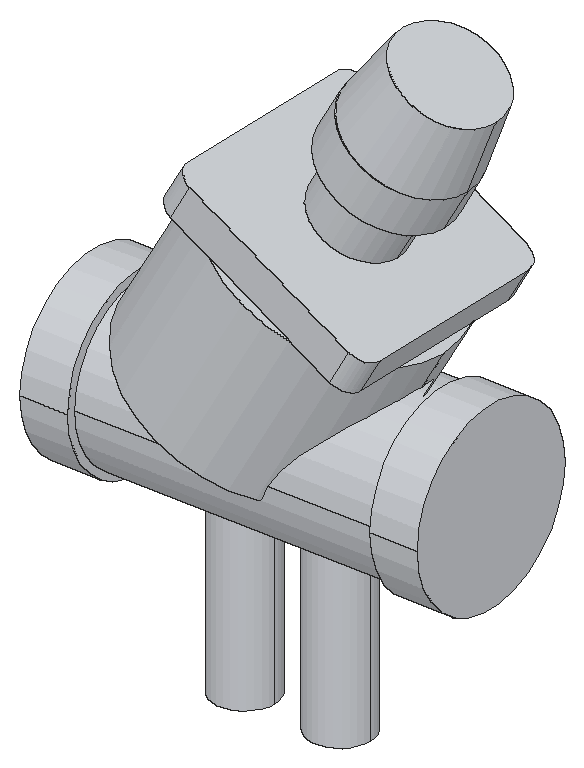
Revit family "OPTIMA_Compact_Plus_MM_DN32_5,5_RFA_2019", category Pipe Accessories, Revit 2019
Family settings
  Round Connector Dimension = Use Diameter
  Part Type = Valve - Breaks Into
  Work Plane-Based = No
  Always vertical = Yes
  Cut with Voids When Loaded = No
  Shared = No
Parameters (values of type "OPTIMA Compact Plus DN32 M-M 5.5mm")
  magiProductId = "ffa5e363716249e69711c5a01860df"
  magiProductFamilyId = "3f7bf62c6d3e4202b9bf465282540d"
  magiPartTypeId = 304
  isMeasuringValve [instance] = no
  ang2D [instance] = 0.00°
  Z = 1 mm
  X = 13 mm
  W2D = 32 mm
  VersionID = "2.0/2018.8.28.1/FRESE_OPTIMA-COMPACT-MM_001"
  Use Minimum Symbol Size [instance] = yes
  URL = "www.hydronic.cz"
  Type Comments = "vnější závit; PN25; 0~120°C, s měřením"
  R9 = 8 mm
  R8 = 14 mm
  R7 = 17 mm
  R6 = 12 mm
  R5 = 5 mm
  R4 = 29 mm
  R3 = 31.5 mm
  R2 = 22 mm
  R1 = 24 mm
  QmdConnectorList = "301;D;302;D"
  Productdata [instance] = ""
  PLG0 = yes
  Manufacturer = "Hydronic Systems Prague s.r.o."
  MC Product Code = "53-1333  (6/4\" M-M; 5.5mm; Qmin-dpmin 550l/h-17.9kPa; Qmax-dpmin 4001l/h-28.0kPa; dpmax 800kPa)"
  MC Piping Given Pressure Drop [instance] = 0.0 Pa
  LL = 52 mm
  L3 = 12.5 mm
  L2D_Min = 3048 mm
  L2D = 104 mm
  L2 = 79.04 mm
  L1__ve = -L1  # -12.48 mm
  L1 = 12.48 mm
  H6__ve = -H6  # -66 mm
  H6 = 66 mm
  H5 = 20 mm
  H4 = 12 mm
  H3 = 16 mm
  H2 = 10 mm
  H1 = 46 mm
  Description = "Tlakově nezávislý 2-cestný regulační vyvažovací ventil (PICV)"
  D = 32 mm
  A = 30.00°
Types (8, lengths in mm): name | magiProductId | Z | X | R4 | R3 | R2 | R1 | MC Product Code | LL | L3 | L2 | L1__ve | L1 | H6__ve | H6 | H5 | H3 | H2 | H1 | D
  OPTIMA Compact Plus DN32 M-M 5.5mm | "ffa5e363716249e69711c5a01860df" | 1 | 13 | 29 | 31.5 | 22 | 24 | "53-1333  (6/4\" M-M; 5.5mm; Qmin-dpmin 550l/h-17.9kPa; Qmax-dpmin 4001l/h-28.0kPa; dpmax 800kPa)" | 52 | 12.5 | 79.04 | -12.48 | 12.48 | -66 | 66 | 20 | 16 | 10 | 46 | 32
  OPTIMA Compact Plus DN15 M-M 2.5mm | "744f5c1a8b784a0caf7e95e8856504" | 0 | 7 | 19 | 19 | 12 | 13 | "53-1324  (3/4\" M-M; 2.5mm; Qmin-dpmin 100l/h-14.9kPa; Qmax-dpmin 575l/h-18.5kPa; dpmax 800kPa)" | 32.5 | 11 | 49.4 | -7.8 | 7.8 | -55 | 55 | 20 | 18 | 8 | 26 | 15
  OPTIMA Compact Plus DN15 M-M 5.0mm | "cc68fe6008154c3392e26a3dfeb2d1" | 0 | 7 | 19 | 19 | 12 | 13 | "53-1325  (3/4\" M-M; 5.0mm; Qmin-dpmin 220l/h-16.0kPa; Qmax-dpmin 1330l/h-21.6kPa; dpmax 800kPa)" | 32.5 | 11 | 49.4 | -7.8 | 7.8 | -55 | 55 | 20 | 18 | 8 | 26 | 15
  OPTIMA Compact Plus DN20 M-M 5.0mm | "af4b706c92c34122b2cf0a056ee45d" | 0 | 10 | 19 | 19 | 13.5 | 16.5 | "53-1328  (1\" M-M; 5.0mm; Qmin-dpmin 220l/h-16.0kPa; Qmax-dpmin 1330l/h-21.6kPa; dpmax 800kPa)" | 35 | 11 | 53.2 | -8.4 | 8.4 | -58.5 | 58.5 | 20 | 18 | 8 | 26 | 20
  OPTIMA Compact Plus DN20 M-M 5.5mm | "3e0f5dc7d8ae4d97894bd6f679fd3a" | 0 | 10 | 19 | 19 | 13.5 | 16.5 | "53-1331  (1\" M-M; 5.5mm; Qmin-dpmin 300l/h-17.8kPa; Qmax-dpmin 1800l/h-40.0kPa; dpmax 800kPa)" | 35 | 11 | 53.2 | -8.4 | 8.4 | -58.5 | 58.5 | 20 | 18 | 8 | 26 | 20
  OPTIMA Compact Plus DN25 M-M 5.5mm | "30c02b6104a34c7a9c49bd2b7417bc" | 0 | 13 | 29 | 31.5 | 18.5 | 21 | "53-1332  (5/4\" M-M; 5.5mm; Qmin-dpmin 600l/h-17.3kPa; Qmax-dpmin 3609l/h-23.0kPa; dpmax 800kPa)" | 52 | 12.5 | 79.04 | -12.48 | 12.48 | -63 | 63 | 20 | 16 | 10 | 43 | 25
  OPTIMA Compact Plus DN10 M-M 2.5mm | "273b30465bdd4e038d4ed21de5046f" | 0 | 7 | 19 | 19 | 9 | 10.5 | "53-1320  (1/2\" M-M; 2.5mm; Qmin-dpmin 30l/h-14.3kPa; Qmax-dpmin 200l/h-15.8kPa; dpmax 800kPa)" | 32.5 | 11 | 49.4 | -7.8 | 7.8 | -52.5 | 52.5 | 17 | 18 | 8 | 30 | 10
  OPTIMA Compact Plus DN10 M-M 5.0mm | "05e83065d4b14c0ea9b5a56fcd5d4f" | 0 | 7 | 19 | 19 | 9 | 10.5 | "53-1329  (1/2\" M-M; 5.0mm; Qmin-dpmin 65l/h-14.6kPa; Qmax-dpmin 370l/h-17.2kPa; dpmax 800kPa)" | 32.5 | 11 | 49.4 | -7.8 | 7.8 | -52.5 | 52.5 | 17 | 18 | 8 | 30 | 10
Reference planes
  plane 1 "Center (Front/Back)": y = 0
  plane 2 "XYPLANE": z = 0
  plane 3 "Center (Left/Right)": x = 0
  plane 4 "267": x = 12.5
  plane 5 "266": x = -12.5
  plane 6 "252": through (-597.019, 0, 465.933) normal (0.5, 0, 0.866)
  plane 7 "250": through (-607.019, 0, 448.612) normal (0.5, 0, 0.866)
  plane 8 "248": through (-613.019, 0, 438.22) normal (0.5, 0, 0.866)
  plane 9 "245": through (-621.019, 0, 424.363) normal (0.5, 0, 0.866)
  plane 10 "241": through (338.627, 0, 670.519) normal (0.866, 0, -0.5)
  plane 11 "240": through (388.856, 0, 641.519) normal (0.866, 0, -0.5)
  plane 12 "239": y = -29
  plane 13 "238": y = 29
  plane 14 "237": through (-626.019, 0, 415.703) normal (0.5, 0, 0.866)
  plane 15 "235": through (-649.019, 0, 375.866) normal (0.5, 0, 0.866)
  plane 16 "231": y = 0
  plane 17 "230": through (363.742, 0, 656.019) normal (0.866, 0, -0.5)
  plane 18 "211": x = -39.52
  plane 19 "204": x = 52
  plane 20 "203": x = -52
  plane 21 "202": x = 0
  plane 22 "201": z = 0
  plane 23 "200": y = 0
  plane 24 "227XY": through (-649.519, 0, 375) normal (0.5, 0, 0.866)
  plane 25 "227XZ": y = 0
  plane 26 "227YZ": through (375, 0, 649.519) normal (0.866, 0, -0.5)
Forms (mm)
  Extrusion 1, solid, visible <- "PLG0"
    sketch origin (-750, 0, 0) x (1, 0, 0) y (0, 1, 0)
      loop
        circle (762.5, 0) r 8
    from 0 to -66 <- "H6__ve"
  Extrusion 2, solid, visible <- "PLG0"
    sketch origin (-750, 0, 0) x (1, 0, 0) y (0, 1, 0)
      loop
        circle (737.5, 0) r 8
    from 0 to -66 <- "H6__ve"
  Blend 3, solid
    base sketch origin (-607.019, 0, 448.612) x (0.866025, 0, -0.5) y (0, 1, 0)
      loop
        circle (737, 0) r 17
    top sketch origin (-607.019, 0, 448.612) x (0.866025, 0, -0.5) y (0, 1, 0)
      loop
        circle (737, 0) r 14
    from 0 to 20
  Extrusion 4, solid
    sketch origin (-613.019, 0, 438.22) x (0.866025, 0, -0.5) y (0, 1, 0)
      loop
        circle (737, 0) r 17
    from 0 to 12 <- "H4"
  Extrusion 5, solid
    sketch origin (-621.019, 0, 424.363) x (0.866025, 0, -0.5) y (0, 1, 0)
      loop
        circle (737, 0) r 12
    from 0 to 16 <- "H3"
  Extrusion 6, solid
    sketch origin (-626.019, 0, 415.703) x (0.866025, 0, -0.5) y (0, 1, 0)
      loop
        arc (713, 29) -> (709.464, 27.536) -> (708, 24) r 5
        line (708, 24) -> (708, -24)
        arc (708, -24) -> (709.464, -27.536) -> (713, -29) r 5
        line (713, -29) -> (761, -29)
        arc (761, -29) -> (764.536, -27.536) -> (766, -24) r 5
        line (766, -24) -> (766, 24)
        arc (766, 24) -> (764.536, 27.536) -> (761, 29) r 5
        line (761, 29) -> (713, 29)
    from 0 to 10 <- "H2"
  Extrusion 7, solid
    sketch origin (-649.019, 0, 375.866) x (0.866025, 0, -0.5) y (0, 1, 0)
      loop
        circle (737, 0) r 31.5
    from 0 to 46 <- "H1"
  Extrusion 8, solid
    sketch origin (-39.52, -750, 0) x (0, 1, 0) y (0, 0, 1)
      loop
        circle (750, 0) r 22
    from 0 to 79.04 <- "L2"
  Extrusion 9, solid
    sketch origin (52, -750, 0) x (0, 1, 0) y (0, 0, 1)
      loop
        circle (750, 0) r 24
    from 0 to -12.48 <- "L1__ve"
  Extrusion 10, solid
    sketch origin (-52, -750, 0) x (0, 1, 0) y (0, 0, 1)
      loop
        circle (750, 0) r 24
    from 0 to 12.48 <- "L1"
  Extrusion 11, solid, not visible
    sketch origin (52, -750, 0) x (0, 1, 0) y (0, 0, 1)
      loop
        circle (750, 0) r 10
    from 0 to -10
  Extrusion 12, solid, not visible
    sketch origin (-52, -750, 0) x (0, 1, 0) y (0, 0, 1)
      loop
        circle (750, 0) r 10
    from 0 to 10
Lines and regions (mm)
  reference lines, not visible
    curve 1: circle (2, 2, 0) r 1 normal (0, 0, 1)
Text (mm)
  text "© Progman Oy, all rights reserved" at (-472.209, -2482.653, 0), in view "Ref. Level"
Dimensions and locks
  plane 1 "Center (Front/Back)" to curve 1 = 2 mm
  "L3": plane 3 "Center (Left/Right)" to plane 4 "267"
  "L3": plane 3 "Center (Left/Right)" to plane 5 "266"
  "H5": plane 7 "250" to plane 6 "252"
  "H4": plane 8 "248" to plane 7 "250"
  "H3": plane 9 "245" to plane 8 "248"
  "H2": plane 14 "237" to plane 9 "245"
  "R4": plane 17 "230" to plane 10 "241"
  "R4": plane 17 "230" to plane 11 "240"
  "R4": plane 23 "200" to plane 12 "239"
  "R4": plane 23 "200" to plane 13 "238"
  "H1": plane 15 "235" to plane 14 "237"
  "Z": plane 24 "227XY" to plane 15 "235"
  locked: plane 23 "200" to plane 16 "231"
  "X": plane 26 "227YZ" to plane 17 "230"
  "L1": plane 20 "203" to plane 18 "211"
  "LL": plane 3 "Center (Left/Right)" to plane 19 "204"
  "LL": plane 3 "Center (Left/Right)" to plane 20 "203"
  locked: plane 3 "Center (Left/Right)" to plane 21 "202"
  locked: plane 2 "XYPLANE" to plane 22 "201"
  locked: plane 1 "Center (Front/Back)" to plane 23 "200"
  Extrusion 6 sketch curve to Extrusion 6 sketch curve = 0 mm  (x16)
  "R9": radius of Extrusion 1 sketch curve
  "R9": radius of Extrusion 2 sketch curve
  "R8": radius of Blend 3 sketch curve
  "R7": radius of Blend 3 sketch curve
  "R7": radius of Extrusion 4 sketch curve
  "R6": radius of Extrusion 5 sketch curve
  "R5": radius of Extrusion 6 sketch curve  (x4)
  "R3": radius of Extrusion 7 sketch curve
  "R2": radius of Extrusion 8 sketch curve
  "R1": radius of Extrusion 9 sketch curve
  "R1": radius of Extrusion 10 sketch curve
  aligned and locked: level to plane 2 "XYPLANE"
  aligned and locked: plane 4 "267" to Extrusion 1 sketch curve
  aligned and locked: plane 23 "200" to Extrusion 1 sketch curve
  aligned and locked: plane 5 "266" to Extrusion 2 sketch curve
  aligned and locked: plane 23 "200" to Extrusion 2 sketch curve
  aligned and locked: plane 16 "231" to Blend 3 sketch curve  (x2)
  aligned and locked: Blend 3 sketch curve to plane 17 "230"  (x2)
  aligned and locked: plane 6 "252" to Blend 3
  aligned and locked: plane 16 "231" to Extrusion 4 sketch curve
  aligned and locked: Extrusion 4 sketch curve to plane 17 "230"
  aligned and locked: plane 16 "231" to Extrusion 5 sketch curve
  aligned and locked: Extrusion 5 sketch curve to plane 17 "230"
  aligned and locked: Extrusion 6 sketch curve to plane 10 "241"
  aligned and locked: Extrusion 6 sketch curve to plane 12 "239"
  aligned and locked: Extrusion 6 sketch curve to plane 11 "240"
  aligned and locked: plane 13 "238" to Extrusion 6 sketch curve
  aligned and locked: plane 16 "231" to Extrusion 7 sketch curve
  aligned and locked: Extrusion 7 sketch curve to plane 17 "230"
  aligned and locked: plane 22 "201" to Extrusion 8 sketch curve
  aligned and locked: Extrusion 8 sketch curve to plane 23 "200"
  aligned and locked: plane 22 "201" to Extrusion 9 sketch curve
  aligned and locked: Extrusion 9 sketch curve to plane 23 "200"
  aligned and locked: plane 22 "201" to Extrusion 10 sketch curve
  aligned and locked: Extrusion 10 sketch curve to plane 23 "200"
  aligned and locked: plane 22 "201" to Extrusion 11 sketch curve
  aligned and locked: Extrusion 11 sketch curve to plane 23 "200"
  aligned and locked: plane 22 "201" to Extrusion 12 sketch curve
  aligned and locked: Extrusion 12 sketch curve to plane 23 "200"
Automatic sketch dimensions
  plane 1 "Center (Front/Back)" to Extrusion 11 sketch curve = 10 mm
  plane 1 "Center (Front/Back)" to Extrusion 12 sketch curve = 10 mm
  plane 3 "Center (Left/Right)" to curve 1 = 2 mm
  radius of curve 1 = 1 mm
Connectors
  piping at (-52, 0, 0), diameter 32, driven by "D"
    settings: on Extrusion 12, index 1, connector inside diameter 609.6 mm, connector length 0 mm, flow factor 0, pipe flow 0.0 L/s, pressure drop 0.0 Pa, fitting loss kfactor 0, connector angle 0.00°, fixture units 0, engagement length 0 mm, angle of deflection 0.00°, flow configuration 0, flow direction 0, fitting loss method 0, system type 29, joint type 0, gender type 0, connector reference index 2, connector utility 0, adjustable connector no, is connector primary yes, connector description ""
  piping at (52, 0, 0), diameter 32, driven by "D"
    settings: on Extrusion 11, index 2, connector inside diameter 609.6 mm, connector length 0 mm, flow factor 0, pipe flow 0.0 L/s, pressure drop 0.0 Pa, fitting loss kfactor 0, connector angle 0.00°, fixture units 0, engagement length 0 mm, angle of deflection 0.00°, flow configuration 0, flow direction 0, fitting loss method 0, system type 29, joint type 0, gender type 0, connector reference index 1, connector utility 0, adjustable connector no, is connector primary no, connector description ""
